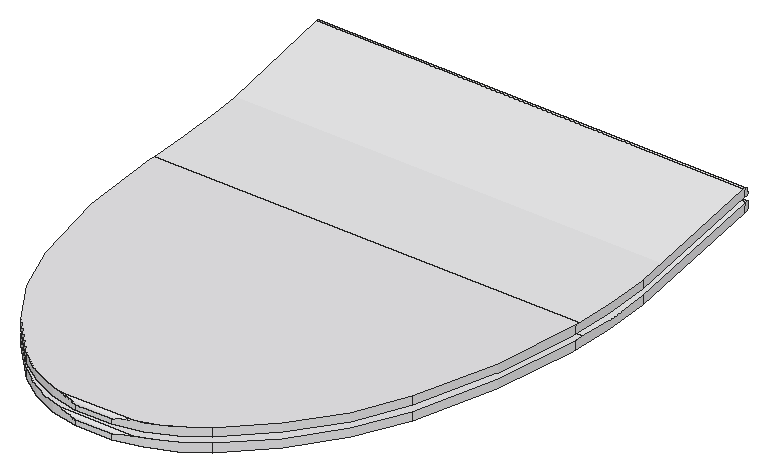
Revit family "Toilet_Seat-Elongated_Closed_Front-KOHLER-VEIL-K-77070T_1", category Specialty Equipment, host Face, Revit 2017
Family settings
  Host = Face
  Round Connector Dimension = Use Diameter
  Part Type = Normal
  OmniClass Number = 23.31.19.19.17
  OmniClass Title = Water Closet Seats
  Cut with Voids When Loaded = No
  Shared = No
  Room Calculation Point = No
Parameters (values of type "0- White")
  Width = 14 11/16"  # constant formula
  WaterSense Certified = 1 = 0  # no
  URL = "http://www.kohler.com.cn/"
  Type = 1
  Product Page URL = "https://www.kohler.com.cn/product/K-77070T-0/K-77070T-0/"
  Product Name = "VEIL"  # constant formula
  Product Documentation Link = "https://files.kohler.com.cn/pdfs/1570517193821_77070T.pdf"
  Model = "K-77070T-0"  # constant formula
  Material = "Plastic"  # constant formula
  Master Format 2014 Name = "Toilet, Bath, and Laundry Accessories"  # constant formula
  Master Format 2014 = "10 28 00"  # constant formula
  Manufacturer Address = "Kohler Beijing Office (100016) 36-2-03-B, No. 88, Liuxiang Road, Beijing"  # constant formula
  Manufacturer = "KOHLER Co."  # constant formula
  Length = 19 1/4"  # constant formula
  Height = 2 5/16"  # constant formula
  Finish = Kohler-Plastic-0-White
  Environmental Product Declaration = ""
  Description = "Ultra-thin slow-down toilet cover (two-color)"  # constant formula
  Default Elevation = 0"
  Declare Label = ""
  Date Modified = "12/31/2020"  # constant formula
  Date Created = "12/31/2020"  # constant formula
  Copyright = "Copyright KOHLER Co."  # constant formula
  Contact Us = "http://www.kohler.com.cn/contact/contact-us/"
  Assembly Code = "C1030200"
  ADA Compliant = 1 = 0  # no
Reference planes (in)
  plane 1 "Center (Front/Back)": y = 0
  plane 2: z = 0
  plane 3 "Center (Left/Right)": x = 0
  plane 4: y = 9.62439
  plane 5: y = -9.62561
  plane 6: x = -7.34252
  plane 7: x = 7.34498
  plane 8: y = 9.07518
  plane 9: z = 2.3125
  plane 10: z = 1.24674
  plane 11: z = 0.73725
  plane 12: z = 0.21614
Dimensions and locks (in)
  plane 12 to plane 9 = 2.09636"
  "Height": level to plane 9
  plane 11 to level = 0.73725"
  plane 11 to plane 10 = 0.50949"
  "Length": plane 5 to plane 4
  plane 8 to plane 5 = 18.70079"
  "Width": plane 6 to plane 7
  aligned and locked: plane 2 to host face
  aligned and locked: level to host face
Automatic sketch dimensions
  host sketch curve to host sketch curve = 96"  (x2)
Nested families (in)
  nested 1: "K-77070T" at (0, 0, 0), type "K-77070T"
Definition of nested family "K-77070T"
  Parameters (values of type "K-77070T")
    Material = none
  Reference planes (in)
    plane 1 "Center (Front/Back)": y = 0
    plane 2: z = 0
    plane 3 "Center (Left/Right)": x = 0
    plane 4: y = 9.62439
    plane 5: y = -9.62439
    plane 6: y = 9.0764
    plane 7: x = -7.34252
    plane 8: x = 7.34252
    plane 9: z = 0.23033
    plane 10: z = 2.32669
    plane 11: z = 1.24674
    plane 12: z = 0.73725
  Forms (in)
    Extrusion 1, void
      sketch origin (0, 0, 0) x (1, 0, 0) y (0, 1, 0)
        loop
          arc (7.34252, 9.2055) -> (7.21983, 9.5017) -> (6.92363, 9.62439) r 0.41889
          line (6.92363, 9.62439) -> (-6.90945, 9.62439)
          arc (-6.90945, 9.62439) -> (-7.21568, 9.49755) -> (-7.34252, 9.19132) r 0.43307
          line (-7.34252, 9.19132) -> (-7.34252, 4.83106)
          arc (-7.34252, 4.83106) -> (-7.32981, 3.40901) -> (-7.29169, 1.98742) r 79.56116
          arc (-7.29169, 1.98742) -> (-6.98902, -0.92569) -> (-6.29546, -3.77117) r 21.6226
          arc (-6.29546, -3.77117) -> (-5.07616, -6.33322) -> (-3.20768, -8.46854) r 10.36305
          arc (-3.20768, -8.46854) -> (0, -9.66607) -> (3.20768, -8.46854) r 4.89477
          arc (3.20768, -8.46854) -> (5.07616, -6.33322) -> (6.29546, -3.77117) r 10.36305
          arc (6.29546, -3.77117) -> (6.98902, -0.92569) -> (7.29169, 1.98742) r 21.6226
          arc (7.29169, 1.98742) -> (7.32981, 3.40901) -> (7.34252, 4.83106) r 79.56116
          line (7.34252, 4.83106) -> (7.34252, 9.2055)
        loop
          line (-9.20279, -10.78723) -> (9.498, -10.78723) -> (9.498, 10.47261) -> (-9.20279, 10.47261) -> (-9.20279, -10.78723)
      from 0 to 2.4228
    Extrusion 2, solid, material <- "Material", detail levels medium+fine
      sketch origin (0, 0, 0) x (0, 1, 0) y (0, 0, 1)
        loop
          line (9.34837, 2.08351) -> (9.30082, 2.24508)
          arc (9.30082, 2.24508) -> (9.24319, 2.31579) -> (9.15234, 2.32414) r 0.11779
          arc (9.15234, 2.32414) -> (5.69955, 1.51767) -> (2.16418, 1.24674) r 23.20169
          line (2.16418, 1.24674) -> (-9.50256, 1.24674)
          arc (-9.50256, 1.24674) -> (-9.58871, 1.21106) -> (-9.62439, 1.12491) r 0.12183
          line (-9.62439, 1.12491) -> (-9.62439, 0.97131) -> (1.87591, 0.97131)
          arc (1.87591, 0.97131) -> (5.6533, 1.25088) -> (9.34837, 2.08351) r 25.65836
      from -7.84507 to 8.59842
    Extrusion 3, solid, material <- "Material", detail levels medium+fine
      sketch origin (0, 0, 0) x (0, 1, 0) y (0, 0, 1)
        loop
          line (9.47846, 1.64174) -> (9.44035, 1.77122)
          arc (9.44035, 1.77122) -> (9.38272, 1.84193) -> (9.29187, 1.85028) r 0.11779
          arc (9.29187, 1.85028) -> (5.83908, 1.04381) -> (2.30371, 0.77288) r 23.20169
          line (2.30371, 0.77288) -> (-9.50256, 0.77288)
          arc (-9.50256, 0.77288) -> (-9.58871, 0.7372) -> (-9.62439, 0.65105) r 0.12183
          line (-9.62439, 0.65105) -> (-9.62439, 0.48955) -> (1.87591, 0.48955)
          arc (1.87591, 0.48955) -> (5.72059, 0.77923) -> (9.47846, 1.64174) r 25.65836
      from -8.01721 to 8.55963
    Extrusion 4, solid, material <- "Material", detail levels medium+fine
      sketch origin (0, 0, 0) x (0, 1, 0) y (0, 0, 1)
        loop
          line (9.56799, 1.33755) -> (9.34436, 2.09739) -> (8.25917, 1.778)
          arc (8.25917, 1.778) -> (8.45134, 1.74083) -> (8.54429, 1.56858) r 0.22857
          line (8.54429, 1.56858) -> (8.56845, 1.1077)
          arc (8.56845, 1.1077) -> (9.19024, 0.69184) -> (9.56799, 1.33755) r 0.51372
      from 3.75816 to 4.31832
    Extrusion 5, solid, material <- "Material", detail levels medium+fine
      sketch origin (11.16142, 0, 0) x (0, 1, 0) y (0, 0, 1)
        loop
          line (9.56799, 1.33755) -> (9.45245, 1.73009) -> (8.54975, 1.46441) -> (8.56845, 1.1077)
          arc (8.56845, 1.1077) -> (9.19024, 0.69184) -> (9.56799, 1.33755) r 0.51372
      from -6.79445 to -6.35745
    Extrusion 6, solid, material <- "Material", detail levels medium+fine
      sketch origin (0, 0, 0) x (0, 1, 0) y (0, 0, -1)
        loop
          arc (9.56799, -1.33755) -> (9.19024, -0.69184) -> (8.56845, -1.1077) r 0.51372
          line (8.56845, -1.1077) -> (8.54429, -1.56858)
          arc (8.54429, -1.56858) -> (8.45134, -1.74083) -> (8.25917, -1.778) r 0.22857
          line (8.25917, -1.778) -> (9.34436, -2.09739) -> (9.56799, -1.33755)
      from 3.75816 to 4.31832
    Extrusion 7, solid, material <- "Material", detail levels medium+fine
      sketch origin (-11.16142, 0, 0) x (0, 1, 0) y (0, 0, -1)
        loop
          arc (9.56799, -1.33755) -> (9.19024, -0.69184) -> (8.56845, -1.1077) r 0.51372
          line (8.56845, -1.1077) -> (8.54975, -1.46441) -> (9.45245, -1.73009) -> (9.56799, -1.33755)
      from -6.79445 to -6.35745
    Extrusion 8, solid, material <- "Material", detail levels medium+fine
      sketch origin (0, 0, 0) x (0, 1, 0) y (0, 0, 1)
        loop
          line (9.62439, 0.23033) -> (9.60901, 0.52389)
          arc (9.60901, 0.52389) -> (9.602, 0.53909) -> (9.58533, 0.54532) r 0.02258
          arc (9.58533, 0.54532) -> (9.6007, 0.5525) -> (9.60664, 0.56838) r 0.02243
          line (9.60664, 0.56838) -> (9.58722, 1.23318)
          arc (9.58722, 1.23318) -> (9.06116, 1.70602) -> (8.56156, 1.20531) r 0.51372
          line (8.56156, 1.20531) -> (8.54563, 0.56695)
          arc (8.54563, 0.56695) -> (8.55163, 0.55167) -> (8.56703, 0.54529) r 0.02113
          arc (8.56703, 0.54529) -> (8.55094, 0.5387) -> (8.54372, 0.52289) r 0.02364
          line (8.54372, 0.52289) -> (8.54077, 0.46655)
          arc (8.54077, 0.46655) -> (8.52317, 0.37777) -> (8.48119, 0.29758) r 0.31689
          arc (8.48119, 0.29758) -> (8.47187, 0.28196) -> (8.46541, 0.26496) r 0.10406
          line (8.46541, 0.26496) -> (8.46541, 0.23033) -> (9.62439, 0.23033)
      from -3.74016 to 3.74016
    Extrusion 9, solid, material <- "Material", detail levels medium+fine
      sketch origin (0, 0, 0) x (0, 1, 0) y (0, 0, 1)
        loop
          circle (9.07512, 1.19249) r 0.3937
      from -4.55018 to 4.60655
    Extrusion 10, void
      sketch origin (0, 0, 0) x (1, 0, 0) y (0, 1, 0)
        loop
          line (4.36696, 10.22767) -> (-4.36696, 10.22767) -> (-4.36696, 8.25917) -> (4.36696, 8.25917) -> (4.36696, 10.22767)
      from 0.97131 to 1.88271
    Extrusion 11, solid, material <- "Material", detail levels medium+fine
      sketch origin (0, 0, 0) x (1, 0, 0) y (0, 1, 0)
        loop
          arc (-4.68072, -4.22174) -> (-5.0775, -4.23369) -> (-5.26218, -4.58508) r 0.3937
          arc (-5.26218, -4.58508) -> (-5.04286, -5.24091) -> (-4.51023, -5.68194) r 1.25887
          arc (-4.51023, -5.68194) -> (-4.18721, -5.65846) -> (-4.0245, -5.37842) r 0.34674
          arc (-4.0245, -5.37842) -> (-4.1874, -4.70636) -> (-4.68072, -4.22174) r 1.25887
        loop
          arc (-6.67144, 3.42968) -> (-6.86182, 2.75694) -> (-6.67144, 2.0842) r 1.28381
          arc (-6.67144, 2.0842) -> (-6.30259, 1.87806) -> (-5.93374, 2.0842) r 0.43307
          arc (-5.93374, 2.0842) -> (-5.74336, 2.75694) -> (-5.93374, 3.42968) r 1.28381
          arc (-5.93374, 3.42968) -> (-6.30259, 3.63582) -> (-6.67144, 3.42968) r 0.43307
        loop
          arc (4.68072, -4.22174) -> (4.1874, -4.70636) -> (4.0245, -5.37842) r 1.25887
          arc (4.0245, -5.37842) -> (4.18721, -5.65846) -> (4.51023, -5.68194) r 0.34674
          arc (4.51023, -5.68194) -> (5.04286, -5.24091) -> (5.26218, -4.58508) r 1.25887
          arc (5.26218, -4.58508) -> (5.0775, -4.23369) -> (4.68072, -4.22174) r 0.3937
        loop
          arc (6.67144, 3.42968) -> (6.30259, 3.63582) -> (5.93374, 3.42968) r 0.43307
          arc (5.93374, 3.42968) -> (5.74336, 2.75694) -> (5.93374, 2.0842) r 1.28381
          arc (5.93374, 2.0842) -> (6.30259, 1.87806) -> (6.67144, 2.0842) r 0.43307
          arc (6.67144, 2.0842) -> (6.86182, 2.75694) -> (6.67144, 3.42968) r 1.28381
      from 0.23033 to 1.06574
    Extrusion 12, solid, material <- "Material", detail levels medium+fine
      sketch origin (0, 0, 0) x (1, 0, 0) y (0, 1, 0)
        loop
          arc (-1.43303, 4.46927) -> (-2.56358, 3.89692) -> (-3.46724, 3.00859) r 4.12785
          arc (-3.46724, 3.00859) -> (-3.88906, 2.30548) -> (-4.16359, 1.53287) r 4.12785
          arc (-4.16359, 1.53287) -> (-4.34853, -0.72887) -> (-3.81109, -2.9336) r 7.10671
          arc (-3.81109, -2.9336) -> (-2.88641, -4.72593) -> (-1.69824, -6.35558) r 13.13538
          arc (-1.69824, -6.35558) -> (0, -7.13851) -> (1.69824, -6.35558) r 2.23329
          arc (1.69824, -6.35558) -> (2.88641, -4.72593) -> (3.81109, -2.9336) r 13.13538
          arc (3.81109, -2.9336) -> (4.34853, -0.72887) -> (4.16359, 1.53287) r 7.10671
          arc (4.16359, 1.53287) -> (3.88906, 2.30548) -> (3.46724, 3.00859) r 4.12785
          arc (3.46724, 3.00859) -> (2.56358, 3.89692) -> (1.43303, 4.46927) r 4.12785
          arc (1.43303, 4.46927) -> (0, 4.69652) -> (-1.43303, 4.46927) r 4.63194
        loop
          arc (-3.59357, 3.10262) -> (-4.03149, 2.37269) -> (-4.31649, 1.5706) r 4.28533
          arc (-4.31649, 1.5706) -> (-4.50552, -0.74126) -> (-3.95617, -2.99485) r 7.26419
          arc (-3.95617, -2.99485) -> (-3.0204, -4.80867) -> (-1.818, -6.45785) r 13.29286
          arc (-1.818, -6.45785) -> (0, -7.29599) -> (1.818, -6.45785) r 2.39077
          arc (1.818, -6.45785) -> (3.0204, -4.80867) -> (3.95617, -2.99485) r 13.29286
          arc (3.95617, -2.99485) -> (4.50552, -0.74126) -> (4.31649, 1.5706) r 7.26419
          arc (4.31649, 1.5706) -> (4.03149, 2.37269) -> (3.59357, 3.10262) r 4.28533
          arc (3.59357, 3.10262) -> (2.65543, 4.02484) -> (1.48175, 4.61902) r 4.28533
          arc (1.48175, 4.61902) -> (0, 4.854) -> (-1.48175, 4.61902) r 4.78942
          arc (-1.48175, 4.61902) -> (-2.65543, 4.02484) -> (-3.59357, 3.10262) r 4.28533
      from 0 to 0.77288
    Extrusion 13, void
      sketch origin (0, 0, 0) x (1, 0, 0) y (0, 1, 0)
        loop
          arc (-3.46724, 3.00859) -> (-3.88906, 2.30548) -> (-4.16359, 1.53287) r 4.12785
          arc (-4.16359, 1.53287) -> (-4.34853, -0.72887) -> (-3.81109, -2.9336) r 7.10671
          arc (-3.81109, -2.9336) -> (-2.88641, -4.72593) -> (-1.69824, -6.35558) r 13.13538
          arc (-1.69824, -6.35558) -> (0, -7.13851) -> (1.69824, -6.35558) r 2.23329
          arc (1.69824, -6.35558) -> (2.88641, -4.72593) -> (3.81109, -2.9336) r 13.13538
          arc (3.81109, -2.9336) -> (4.34853, -0.72887) -> (4.16359, 1.53287) r 7.10671
          arc (4.16359, 1.53287) -> (3.88906, 2.30548) -> (3.46724, 3.00859) r 4.12785
          arc (3.46724, 3.00859) -> (2.56358, 3.89692) -> (1.43303, 4.46927) r 4.12785
          arc (1.43303, 4.46927) -> (0, 4.69652) -> (-1.43303, 4.46927) r 4.63194
          arc (-1.43303, 4.46927) -> (-2.56358, 3.89692) -> (-3.46724, 3.00859) r 4.12785
      from -0.78466 to 0.9766
    Extrusion 14, solid, material <- "Material", detail levels coarse
      sketch origin (0, 0, 0) x (1, 0, 0) y (0, 1, 0)
        loop
          line (-7.34252, 9.62439) -> (-7.34252, -2.39373)
          arc (-7.34252, -2.39373) -> (0, -9.73625) -> (7.34252, -2.39373) r 7.34252
          line (7.34252, -2.39373) -> (7.34252, 9.62439) -> (-7.34252, 9.62439)
      from 0 to 2.54339
    Extrusion 15, void
      sketch origin (0, 0, 0) x (0, 1, 0) y (0, 0, 1)
        loop
          line (1.87591, 0.97131) -> (-10.01809, 0.97131) -> (-10.01809, 0.77288) -> (2.30371, 0.77288)
          arc (2.30371, 0.77288) -> (5.3067, 0.96804) -> (8.25917, 1.55023) r 23.20169
          line (8.25917, 1.55023) -> (8.25917, 1.778)
          arc (8.25917, 1.778) -> (5.09292, 1.17378) -> (1.87591, 0.97131) r 25.65836
        loop
          arc (8.56584, 1.37704) -> (6.71175, 0.94938) -> (4.83106, 0.6603) r 25.65836
          line (4.83106, 0.6603) -> (4.83106, -0.16337) -> (9.83397, -0.16337) -> (9.83397, 0.23033) -> (8.53723, 0.23033) -> (8.56584, 1.37704)
        loop
          line (-10.01809, 3.21524) -> (-10.01809, 1.24674) -> (2.16418, 1.24674)
          arc (2.16418, 1.24674) -> (6.15041, 1.59174) -> (10.01809, 2.61647) r 23.20169
          line (10.01809, 2.61647) -> (10.01809, 3.21524) -> (-10.01809, 3.21524)
      from -8.12795 to 8.35902
  Cuts and joins
    Extrusion 1 cuts Extrusion 2
    Extrusion 1, Extrusion 10, Extrusion 13 cuts Extrusion 3
    joined: Extrusion 2, Extrusion 3, Extrusion 4, Extrusion 5, Extrusion 6, Extrusion 7, Extrusion 8, Extrusion 9, Extrusion 11, Extrusion 12
    Extrusion 15 cuts Extrusion 14
  Lines and regions (in)
    Masking region 1
      outline origin (0, 0, 0) x (1, 0, 0) y (0, 1, 0)
        loop
          arc (-6.29546, -3.77117) -> (-5.07616, -6.33322) -> (-3.20768, -8.46854) r 10.36305
          arc (-3.20768, -8.46854) -> (0, -9.66607) -> (3.20768, -8.46854) r 4.89477
          arc (3.20768, -8.46854) -> (5.07616, -6.33322) -> (6.29546, -3.77117) r 10.36305
          arc (6.29546, -3.77117) -> (6.98902, -0.92569) -> (7.29169, 1.98742) r 21.6226
          arc (7.29169, 1.98742) -> (7.32981, 3.40901) -> (7.34252, 4.83106) r 79.56116
          line (7.34252, 4.83106) -> (7.34252, 9.2055)
          arc (7.34252, 9.2055) -> (7.31642, 9.35105) -> (7.24138, 9.47846) r 0.41889
          line (7.24138, 9.47846) -> (4.80396, 9.47846) -> (4.80396, 9.58883) -> (4.36696, 9.58883) -> (4.36696, 9.47846) -> (4.31832, 9.47846) -> (4.31832, 9.58883) -> (3.75816, 9.58883) -> (3.75816, 9.47846) -> (3.74016, 9.50964) -> (3.74016, 9.62439) -> (0, 9.62439) -> (-3.74016, 9.62439) -> (-3.74016, 9.50964) -> (-3.75816, 9.47846) -> (-3.75816, 9.58883) -> (-4.31832, 9.58883) -> (-4.31832, 9.47846) -> (-4.36696, 9.47846) -> (-4.36696, 9.58883) -> (-4.80396, 9.58883) -> (-4.80396, 9.47846) -> (-7.24138, 9.47846)
          arc (-7.24138, 9.47846) -> (-7.31642, 9.35105) -> (-7.34252, 9.2055) r 0.41889
          line (-7.34252, 9.2055) -> (-7.34252, 4.83106)
          arc (-7.34252, 4.83106) -> (-7.32981, 3.40901) -> (-7.29169, 1.98742) r 79.56116
          arc (-7.29169, 1.98742) -> (-6.98902, -0.92569) -> (-6.29546, -3.77117) r 21.6226
    Masking region 2
      outline origin (0, 0, 0) x (1, 0, 0) y (0, 0, 1)
        loop
          line (0, 0) -> (4.39112, 0)
          arc (4.39112, 0) -> (4.46502, 0.00973) -> (4.53389, 0.03826) r 0.28556
          line (4.53389, 0.03826) -> (4.86658, 0.23033) -> (4.97903, 0.23033)
          arc (4.97903, 0.23033) -> (5.01045, 0.24321) -> (5.0238, 0.27442) r 0.04477
          arc (5.0238, 0.27442) -> (5.02947, 0.29139) -> (5.04387, 0.30198) r 0.02958
          arc (5.04387, 0.30198) -> (5.12038, 0.3256) -> (5.19808, 0.34498) r 1.45734
          arc (5.19808, 0.34498) -> (5.5578, 0.40772) -> (5.92166, 0.43836) r 4.11951
          arc (5.92166, 0.43836) -> (5.96092, 0.42496) -> (5.99647, 0.40358) r 0.19538
          arc (5.99647, 0.40358) -> (6.00968, 0.39483) -> (6.02389, 0.38781) r 0.12568
          line (6.02389, 0.38781) -> (6.02389, 0.32516)
          arc (6.02389, 0.32516) -> (6.03436, 0.29987) -> (6.05965, 0.28939) r 0.03577
          line (6.05965, 0.28939) -> (6.55806, 0.28939)
          arc (6.55806, 0.28939) -> (6.58336, 0.29987) -> (6.59383, 0.32516) r 0.03577
          line (6.59383, 0.32516) -> (6.59383, 0.38781)
          arc (6.59383, 0.38781) -> (6.61108, 0.40153) -> (6.62525, 0.4184) r 0.10999
          arc (6.62525, 0.4184) -> (6.66388, 0.45911) -> (6.7134, 0.48551) r 0.17505
          line (6.7134, 0.48551) -> (7.2821, 0.48551)
          arc (7.2821, 0.48551) -> (7.30672, 0.4942) -> (7.32044, 0.51641) r 0.03923
          arc (7.32044, 0.51641) -> (7.33698, 0.61861) -> (7.34252, 0.722) r 0.9681
          line (7.34252, 0.722) -> (7.34252, 2.10566)
          arc (7.34252, 2.10566) -> (7.31305, 2.2025) -> (7.23462, 2.2665) r 0.17384
          arc (7.23462, 2.2665) -> (7.08481, 2.3115) -> (6.92912, 2.32669) r 0.8054
          line (6.92912, 2.32669) -> (0, 2.32669) -> (-6.92912, 2.32669)
          arc (-6.92912, 2.32669) -> (-7.08481, 2.3115) -> (-7.23462, 2.2665) r 0.8054
          arc (-7.23462, 2.2665) -> (-7.31305, 2.2025) -> (-7.34252, 2.10566) r 0.17384
          line (-7.34252, 2.10566) -> (-7.34252, 0.722)
          arc (-7.34252, 0.722) -> (-7.33698, 0.61861) -> (-7.32044, 0.51641) r 0.9681
          arc (-7.32044, 0.51641) -> (-7.30672, 0.4942) -> (-7.2821, 0.48551) r 0.03923
          line (-7.2821, 0.48551) -> (-6.7134, 0.48551)
          arc (-6.7134, 0.48551) -> (-6.66388, 0.45911) -> (-6.62525, 0.4184) r 0.17505
          arc (-6.62525, 0.4184) -> (-6.61108, 0.40153) -> (-6.59383, 0.38781) r 0.10999
          line (-6.59383, 0.38781) -> (-6.59383, 0.32516)
          arc (-6.59383, 0.32516) -> (-6.58336, 0.29987) -> (-6.55806, 0.28939) r 0.03577
          line (-6.55806, 0.28939) -> (-6.05965, 0.28939)
          arc (-6.05965, 0.28939) -> (-6.03436, 0.29987) -> (-6.02389, 0.32516) r 0.03577
          line (-6.02389, 0.32516) -> (-6.02389, 0.38781)
          arc (-6.02389, 0.38781) -> (-6.00968, 0.39483) -> (-5.99647, 0.40358) r 0.12568
          arc (-5.99647, 0.40358) -> (-5.96092, 0.42496) -> (-5.92166, 0.43836) r 0.19538
          arc (-5.92166, 0.43836) -> (-5.5578, 0.40772) -> (-5.19808, 0.34498) r 4.11951
          arc (-5.19808, 0.34498) -> (-5.12038, 0.3256) -> (-5.04387, 0.30198) r 1.45734
          arc (-5.04387, 0.30198) -> (-5.02947, 0.29139) -> (-5.0238, 0.27442) r 0.02958
          arc (-5.0238, 0.27442) -> (-5.01045, 0.24321) -> (-4.97903, 0.23033) r 0.04477
          line (-4.97903, 0.23033) -> (-4.86658, 0.23033) -> (-4.53389, 0.03826)
          arc (-4.53389, 0.03826) -> (-4.46502, 0.00973) -> (-4.39112, 0) r 0.28556
          line (-4.39112, 0) -> (0, 0)
    Masking region 3
      outline origin (0, 0, 0) x (0, 1, 0) y (0, 0, 1)
        loop
          arc (9.5873, 0.54548) -> (9.60553, 0.55514) -> (9.61237, 0.57461) r 0.02832
          line (9.61237, 0.57461) -> (9.59105, 1.18502)
          arc (9.59105, 1.18502) -> (9.58294, 1.26789) -> (9.56453, 1.34909) r 0.66467
          line (9.56453, 1.34909) -> (9.30217, 2.24262)
          arc (9.30217, 2.24262) -> (9.24557, 2.31284) -> (9.1559, 2.32246) r 0.11782
          line (9.1559, 2.32246) -> (8.8166, 2.22273)
          arc (8.8166, 2.22273) -> (5.63685, 1.49213) -> (2.38348, 1.24674) r 21.68949
          line (2.38348, 1.24674) -> (-9.50766, 1.24674)
          arc (-9.50766, 1.24674) -> (-9.5902, 1.21255) -> (-9.62439, 1.13001) r 0.11673
          line (-9.62439, 1.13001) -> (-9.62439, 0.9739) -> (-5.74425, 0.9739)
          arc (-5.74425, 0.9739) -> (-5.62987, 0.9426) -> (-5.54265, 0.86225) r 0.25085
          arc (-5.54265, 0.86225) -> (-5.52683, 0.83944) -> (-5.51018, 0.81724) r 0.74949
          line (-5.51018, 0.81724) -> (-5.51018, 0.7359) -> (-9.49335, 0.7359)
          arc (-9.49335, 0.7359) -> (-9.58601, 0.69752) -> (-9.62439, 0.60486) r 0.13104
          line (-9.62439, 0.60486) -> (-9.62439, 0.48068) -> (-8.68638, 0.48068)
          arc (-8.68638, 0.48068) -> (-7.96122, 0.36676) -> (-7.30592, 0.03597) r 2.36499
          arc (-7.30592, 0.03597) -> (-7.25242, 0.00905) -> (-7.19323, -0.00001) r 0.19135
          line (-7.19323, -0.00001) -> (4.80574, 0.06282)
          arc (4.80574, 0.06282) -> (4.89234, 0.0784) -> (4.96855, 0.12238) r 0.25598
          arc (4.96855, 0.12238) -> (5.13033, 0.236) -> (5.30882, 0.32101) r 1.17968
          arc (5.30882, 0.32101) -> (5.64429, 0.44189) -> (5.98318, 0.55285) r 12.10829
          line (5.98318, 0.55285) -> (8.48163, 1.33035)
          arc (8.48163, 1.33035) -> (8.54315, 1.31946) -> (8.56988, 1.26299) r 0.06806
          line (8.56988, 1.26299) -> (8.54552, 0.56555)
          arc (8.54552, 0.56555) -> (8.551, 0.55127) -> (8.56678, 0.5452) r 0.01957
          arc (8.56678, 0.5452) -> (8.55073, 0.53755) -> (8.54363, 0.52124) r 0.02538
          line (8.54363, 0.52124) -> (8.54077, 0.46655)
          arc (8.54077, 0.46655) -> (8.52363, 0.37552) -> (8.47869, 0.29452) r 0.29026
          arc (8.47869, 0.29452) -> (8.46887, 0.28066) -> (8.46541, 0.26403) r 0.04164
          line (8.46541, 0.26403) -> (8.46541, 0.23033) -> (9.62439, 0.23033) -> (9.61421, 0.52202)
          arc (9.61421, 0.52202) -> (9.60685, 0.53852) -> (9.5901, 0.54529) r 0.02412
        loop
          arc (3.36089, 0.75793) -> (5.9705, 1.03457) -> (8.52759, 1.62434) r 21.68949
          arc (8.52759, 1.62434) -> (8.41788, 1.77312) -> (8.23452, 1.79665) r 0.23518
          arc (8.23452, 1.79665) -> (5.90558, 1.27277) -> (3.53318, 1.008) r 21.68949
          arc (3.53318, 1.008) -> (3.46162, 0.97066) -> (3.40906, 0.9094) r 0.21336
          arc (3.40906, 0.9094) -> (3.39585, 0.89691) -> (3.37792, 0.89386) r 0.03131
          arc (3.37792, 0.89386) -> (3.36292, 0.88911) -> (3.35681, 0.8746) r 0.01876
          line (3.35681, 0.8746) -> (3.36089, 0.75793)
        loop
          arc (2.15078, 0.83514) -> (2.14468, 0.84965) -> (2.12967, 0.8544) r 0.01876
          arc (2.12967, 0.8544) -> (2.11174, 0.85745) -> (2.09853, 0.86994) r 0.03131
          arc (2.09853, 0.86994) -> (2.03686, 0.93804) -> (1.95226, 0.9739) r 0.21336
          line (1.95226, 0.9739) -> (-4.20118, 0.9739)
          arc (-4.20118, 0.9739) -> (-4.32022, 0.93559) -> (-4.40489, 0.84356) r 0.24521
          arc (-4.40489, 0.84356) -> (-4.41531, 0.82815) -> (-4.42881, 0.81535) r 0.08577
          line (-4.42881, 0.81535) -> (-4.42881, 0.7359) -> (2.14731, 0.7359) -> (2.15078, 0.83514)
    symbolic lines, detail levels medium+fine
      curve 1: line (0, 9.5873, 0.54548) -> (0, 8.56239, 0.54548)
      curve 2: arc (0, 9.59105, 1.18502) -> (0, 9.05702, 0.71848) -> (0, 8.56882, 1.2328) r 0.51211
      curve 3: line (0, 8.44984, 1.32102) -> (0, 9.48364, 1.62457)
      curve 4: line (0, 8.52759, 1.62434) -> (0, 9.2831, 1.84618)
      curve 5: arc (0, 9.2831, 1.84618) -> (0, 9.36613, 1.84462) -> (0, 9.43335, 1.79585) r 0.13854
      curve 6: line (0, 8.23452, 1.79665) -> (0, 9.33798, 2.12065)
      curve 7: arc (0, 3.53318, 1.008) -> (0, 2.71753, 0.98851) -> (0, 1.90178, 0.9739) r 136.11974
      curve 8: line (0, 2.14731, 0.7359) -> (0, 3.36089, 0.75793)
      curve 9: line (0, 3.30966, 0.28939) -> (0, 2.18368, 0.28939)
      curve 10: arc (0, 2.18368, 0.28939) -> (0, 2.14052, 0.3058) -> (0, 2.11916, 0.34673) r 0.06496
      curve 11: arc (0, 2.11916, 0.34673) -> (0, 2.10606, 0.415) -> (0, 2.0833, 0.48068) r 0.48312
      curve 12: arc (0, 3.34925, 0.31704) -> (0, 3.33381, 0.29699) -> (0, 3.30966, 0.28939) r 0.04217
      curve 13: line (0, -8.68638, 0.48068) -> (0, -4.55224, 0.48068)
      curve 14: arc (0, 3.21828, 0.48068) -> (0, 3.31797, 0.48097) -> (0, 3.41765, 0.48184) r 17.12065
      curve 15: arc (0, 3.41765, 0.48184) -> (0, 5.47379, 0.6299) -> (0, 7.49724, 1.02402) r 17.12065
      curve 16: arc (0, 3.41765, 0.48184) -> (0, 3.38172, 0.40015) -> (0, 3.34925, 0.31704) r 2.13099
      curve 17: line (0, 2.0833, 0.48068) -> (0, 3.21828, 0.48068)
      curve 18: line (0, -4.43399, 0.28939) -> (0, -5.55997, 0.28939)
      curve 19: arc (0, -5.55997, 0.28939) -> (0, -5.60313, 0.3058) -> (0, -5.62449, 0.34673) r 0.06496
      curve 20: arc (0, -5.62449, 0.34673) -> (0, -5.63759, 0.415) -> (0, -5.66036, 0.48068) r 0.48312
      curve 21: arc (0, -4.3944, 0.31704) -> (0, -4.40985, 0.29699) -> (0, -4.43399, 0.28939) r 0.04217
      curve 22: arc (0, -4.32654, 0.48068) -> (0, -4.36217, 0.39956) -> (0, -4.3944, 0.31704) r 2.13099
      curve 23: line (0, -4.55224, 0.48068) -> (0, 2.0833, 0.48068)
      curve 24: line (0, 0, 1.24674) -> (7.00464, 0, 1.24674)
      curve 25: line (7.08661, 0, 0.96559) -> (0, 0, 0.96559)
      curve 26: line (7.13819, 0, 0.73725) -> (0, 0, 0.73725)
      curve 27: line (6.7124, 0, 0.48845) -> (0, 0, 0.48845)
      curve 28: arc (7.34252, 0, 0.83341) -> (7.2511, 0, 0.76249) -> (7.13819, 0, 0.73725) r 0.26518
      curve 29: arc (7.34252, 0, 1.24674) -> (7.2767, 0, 1.04961) -> (7.08661, 0, 0.96559) r 0.25704
      curve 30: arc (7.00464, 0, 1.24674) -> (7.23611, 0, 1.33821) -> (7.34252, 0, 1.56319) r 0.3386
      curve 31: line (6.02389, 0, 0.38781) -> (6.59383, 0, 0.38781)
      curve 32: line (5.92166, 0, 0.43836) -> (6.7124, 0, 0.48845)
      curve 33: line (6.07843, 0, 0.7811) -> (6.59383, 0, 0.7811)
      curve 34: arc (6.02389, 0, 0.83477) -> (6.04017, 0, 0.79677) -> (6.07843, 0, 0.7811) r 0.05455
      curve 35: arc (5.91058, 0, 0.96559) -> (5.99102, 0, 0.92078) -> (6.02389, 0, 0.83477) r 0.13473
      curve 36: arc (6.59383, 0, 0.7811) -> (6.64719, 0, 0.8032) -> (6.66929, 0, 0.85656) r 0.07546
      curve 37: arc (6.66929, 0, 0.85656) -> (6.69085, 0, 0.92364) -> (6.74745, 0, 0.96559) r 0.11513
      curve 38: arc (4.44908, 0, 0.79091) -> (4.46537, 0, 0.75291) -> (4.50363, 0, 0.73725) r 0.05455
      curve 39: arc (5.01903, 0, 0.73725) -> (5.07239, 0, 0.75935) -> (5.09449, 0, 0.8127) r 0.07546
      curve 40: arc (5.09449, 0, 0.8127) -> (5.13199, 0, 0.91364) -> (5.2263, 0, 0.96559) r 0.15458
      curve 41: arc (4.32414, 0, 0.96559) -> (4.41385, 0, 0.89774) -> (4.44908, 0, 0.79091) r 0.1889
      curve 42: line (4.44706, 0, 0.81558) -> (5.09368, 0, 0.81558)
      curve 43: line (4.86658, 0, 0.23033) -> (4.47288, 0, 0.23033)
      curve 44: arc (4.47288, 0, 0.23033) -> (4.41865, 0, 0.25017) -> (4.39003, 0, 0.30032) r 0.08404
      curve 45: arc (4.39003, 0, 0.30032) -> (4.33549, 0, 0.4167) -> (4.22885, 0, 0.48845) r 0.24078
      curve 46: arc (5.10403, 0, 0.38903) -> (5.15154, 0, 0.45549) -> (5.2263, 0, 0.48845) r 0.15458
      curve 47: arc (5.04387, 0, 0.30198) -> (5.07945, 0, 0.34171) -> (5.10403, 0, 0.38903) r 0.21266
      curve 48: line (4.38341, 0, 0.32876) -> (5.06976, 0, 0.32876)
      curve 49: line (6.02389, 0, 0.83477) -> (6.65867, 0, 0.83477)
      curve 50: line (0, -4.20118, 0.9739) -> (0, -5.74425, 0.9739)
      curve 51: line (0, -4.42881, 0.81535) -> (0, -5.5087, 0.81535)
      curve 52: line (0, -4.36217, 0.39956) -> (0, -5.63373, 0.39956)
      curve 53: line (0, 3.38172, 0.40015) -> (0, 2.10978, 0.40015)
      curve 54: line (0, 3.37792, 0.89386) -> (0, 2.12672, 0.85417)
      curve 55: line (-7.07422, 9.34837, 0) -> (-4.31832, 9.34837, 0)
      curve 56: arc (-7.34252, 9.15234, 0) -> (-7.24036, 9.29414, 0) -> (-7.07422, 9.34837, 0) r 0.28161
      curve 57: line (-3.74016, 9.50964, 0) -> (-3.74016, 9.34837, 0)
      curve 58: line (-3.75816, 9.47846, 0) -> (-3.75816, 9.34837, 0)
      curve 59: line (-4.36696, 9.47846, 0) -> (-4.36696, 9.34837, 0)
      curve 60: line (-4.31832, 9.47846, 0) -> (-4.31832, 9.34837, 0)
      curve 61: line (-4.80396, 9.47846, 0) -> (-4.80396, 9.34837, 0)
      curve 62: line (-4.31832, 9.34837, 0) -> (-3.74016, 9.34837, 0)
      curve 63: line (7.07422, 9.34837, 0) -> (4.31832, 9.34837, 0)
      curve 64: arc (7.34252, 9.15234, 0) -> (7.24036, 9.29414, 0) -> (7.07422, 9.34837, 0) r 0.28161
      curve 65: line (3.74016, 9.50964, 0) -> (3.74016, 9.34837, 0)
      curve 66: line (3.75816, 9.47846, 0) -> (3.75816, 9.34837, 0)
      curve 67: line (4.36696, 9.47846, 0) -> (4.36696, 9.34837, 0)
      curve 68: line (4.31832, 9.47846, 0) -> (4.31832, 9.34837, 0)
      curve 69: line (4.80396, 9.47846, 0) -> (4.80396, 9.34837, 0)
      curve 70: line (4.31832, 9.34837, 0) -> (3.74016, 9.34837, 0)
      curve 71: line (-3.74016, 9.34837, 0) -> (3.74016, 9.34837, 0)
      curve 72: line (0, 0, 1.24674) -> (-7.00464, 0, 1.24674)
      curve 73: line (-7.08661, 0, 0.96559) -> (0, 0, 0.96559)
      curve 74: line (-7.13819, 0, 0.73725) -> (0, 0, 0.73725)
      curve 75: line (-6.7124, 0, 0.48845) -> (0, 0, 0.48845)
      curve 76: arc (-7.34252, 0, 0.83341) -> (-7.2511, 0, 0.76249) -> (-7.13819, 0, 0.73725) r 0.26518
      curve 77: arc (-7.34252, 0, 1.24674) -> (-7.2767, 0, 1.04961) -> (-7.08661, 0, 0.96559) r 0.25704
      curve 78: arc (-7.00464, 0, 1.24674) -> (-7.23611, 0, 1.33821) -> (-7.34252, 0, 1.56319) r 0.3386
      curve 79: line (-6.02389, 0, 0.38781) -> (-6.59383, 0, 0.38781)
      curve 80: line (-5.92166, 0, 0.43836) -> (-6.7124, 0, 0.48845)
      curve 81: line (-6.07843, 0, 0.7811) -> (-6.59383, 0, 0.7811)
      curve 82: arc (-6.02389, 0, 0.83477) -> (-6.04017, 0, 0.79677) -> (-6.07843, 0, 0.7811) r 0.05455
      curve 83: arc (-5.91058, 0, 0.96559) -> (-5.99102, 0, 0.92078) -> (-6.02389, 0, 0.83477) r 0.13473
      curve 84: arc (-6.59383, 0, 0.7811) -> (-6.64719, 0, 0.8032) -> (-6.66929, 0, 0.85656) r 0.07546
      curve 85: arc (-6.66929, 0, 0.85656) -> (-6.69085, 0, 0.92364) -> (-6.74745, 0, 0.96559) r 0.11513
      curve 86: arc (-4.44908, 0, 0.79091) -> (-4.46537, 0, 0.75291) -> (-4.50363, 0, 0.73725) r 0.05455
      curve 87: arc (-5.01903, 0, 0.73725) -> (-5.07239, 0, 0.75935) -> (-5.09449, 0, 0.8127) r 0.07546
      curve 88: arc (-5.09449, 0, 0.8127) -> (-5.13199, 0, 0.91364) -> (-5.2263, 0, 0.96559) r 0.15458
      curve 89: arc (-4.32414, 0, 0.96559) -> (-4.41385, 0, 0.89774) -> (-4.44908, 0, 0.79091) r 0.1889
      curve 90: line (-4.44706, 0, 0.81558) -> (-5.09368, 0, 0.81558)
      curve 91: line (-4.86658, 0, 0.23033) -> (-4.47288, 0, 0.23033)
      curve 92: arc (-4.47288, 0, 0.23033) -> (-4.41865, 0, 0.25017) -> (-4.39003, 0, 0.30032) r 0.08404
      curve 93: arc (-4.39003, 0, 0.30032) -> (-4.33549, 0, 0.4167) -> (-4.22885, 0, 0.48845) r 0.24078
      curve 94: arc (-5.10403, 0, 0.38903) -> (-5.15154, 0, 0.45549) -> (-5.2263, 0, 0.48845) r 0.15458
      curve 95: arc (-5.04387, 0, 0.30198) -> (-5.07945, 0, 0.34171) -> (-5.10403, 0, 0.38903) r 0.21266
      curve 96: line (-4.38341, 0, 0.32876) -> (-5.06976, 0, 0.32876)
      curve 97: line (-6.02389, 0, 0.83477) -> (-6.66608, 0, 0.83477)
  Dimensions and locks (in)
    plane 4 to plane 5 = 19.24878"
    plane 5 to plane 6 = 18.70079"
    plane 7 to plane 8 = 14.68504"
    aligned and locked: plane 2 to level
